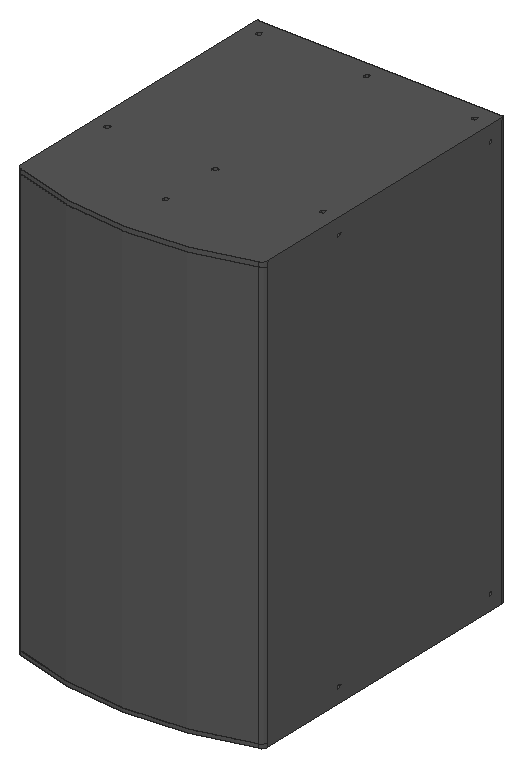
Revit family "1Electronics_Community_Biamp_Subwoofer_IS6-218WR", category Communication Devices, host Face, Revit 2020
Family settings
  Host = Face
  Maintain Annotation Orientation = No
  Round Connector Dimension = Use Diameter
  Part Type = Normal
  OmniClass Number = 23.85.10.11.14.14.14
  OmniClass Title = Loudspeakers
  Cut with Voids When Loaded = No
  Shared = No
  Room Calculation Point = No
Parameters (values of type "IS6-218WR B")
  Width = 22.10"  # constant formula
  Weight = 170.00 lbf  # constant formula
  URL = "https://www.biamp.com/"
  Transducers = "2 x 18 (457mm) double-treated cones with 4 (102mm) inner/outer wound voice coil, ferrite construction"  # constant formula
  Shipping Weight = 190.00 lbf  # constant formula
  Recommended Amplifiers = "Single Amp - 1400W - 2800W @ 4 ohms,  (75V - 106V); Dual Amp - 700W - 1400W @ 8 ohms,  (75V - 106V) (each driver)"  # constant formula
  Product data url = "https://bimobject.com/biamp/product/is6-218wr_community-subwoofer"
  Product Page URL = "https://www.biamp.com/products/product-families/community/community-subwoofers#is6-218wr"
  Product Documentation Link = "https://www.biamp.com/products/product-families/community/community-subwoofers#is6-218wr"
  Operating Range = "32 Hz to 145 Hz  "  # constant formula
  Operating Mode = "Single or Dual Amp"  # constant formula
  Operating Environment = "Weather-Resistant Outdoor "  # constant formula
  Nominal Sensitivity = "Half Space - 1W: 107 dB - 2.83V: 110 dB; Whole Space - 1W: 101 dB - 2.83V: 104 dB"  # constant formula
  Nominal Maximum SPL = "Half Space - Peak: 144 dB - Continuous: 138 dB; Whole Space - Peak: 138 dB - Continuous: 132 dB"  # constant formula
  Mounting Points = "(23) M10 threaded rigging points"  # constant formula
  Model = "IS6-218WR B"
  Manufacturer = "Biamp"  # constant formula
  Input Connection = "Screw terminal blocks (4-position)"  # constant formula
  Housing Material = Biamp - Plastic - Black
  Height = 39.00"  # constant formula
  Grill Material = Biamp - Plastic - Black(Grid)
  Equalized Sensitivity = "Half Space - 1W: 102 dB - 2.83V: 105 dB; Whole Space - 1W: 96 dB - 2.83V: 99 dB"  # constant formula
  Equalized Maximum SPL = "Half Space - Peak: 139 dB - Continuous: 133 dB; Whole Space - Peak: 133 dB - Continuous: 127 dB"  # constant formula
  Environmental = "Outdoor: IP55W per IEC 60529, MIL-STD-810G"  # constant formula
  Description = "IS6-218WR Medium Power Dual 18-Inch Weather-Resistant Subwoofer"  # constant formula
  Depth = 28.89"  # constant formula
  Default Elevation = 48.00"
  Continuous Power Handling  Nominal Impedance = "Single Amp - 75V, 1400W @ 4 ohms (5600W peak); Dual Amp - 75V, 700W @ 8 ohms (2800W peak) (each); "  # constant formula
Types (4): name | Model | Housing Material | Grill Material
  (no name) | "IS6-218WR B" | Biamp - Plastic - Black | Biamp - Plastic - Black(Grid)
  IS6-218WR B | "IS6-218WR B" | Biamp - Plastic - Black | Biamp - Plastic - Black(Grid)
  IS6-218WR W | "IS6-218WR W" | Biamp - Plastic - White | Biamp - Plastic - White(Grid)
  IS6-218WR G | "IS6-218WR G" | Biamp - Plastic - Gray | Biamp - Plastic - Gray(Grid)
Reference planes (in)
  plane 1 "Center (Front/Back)": y = 0
  plane 2: z = 0
  plane 3 "Center (Left/Right)": x = 0
  plane 4: y = 14.445
  plane 5: y = -14.445
  plane 6: x = -11.05
  plane 7: x = 11.05
  plane 8: z = 39
  plane 9: z = 19.5
  plane 10: x = -10.675
  plane 11: y = 14.07
  plane 12: y = 14.2575
  plane 13: z = 38.625
  plane 14: z = 0.375
  plane 15: x = 10.675
  plane 16: y = -12.015
Forms (in)
  Extrusion 1, void
    sketch origin (0, 0, 0) x (1, 0, 0) y (0, 1, 0)
      loop
        circle (-9.67, 12.925) r 0.21654
      loop
        circle (0, 12.925) r 0.21654
      loop
        circle (9.67, 12.925) r 0.21654
      loop
        circle (-9.67, -4.085) r 0.21654
      loop
        circle (0, -4.085) r 0.21654
      loop
        circle (9.67, -4.085) r 0.21654
      loop
        circle (0, -9.605) r 0.21654
    from 38.625 to 39
  Extrusion 2, void
    sketch origin (0, 0, 0) x (0, 1, 0) y (0, 0, 1)
      loop
        circle (12.925, 1.38) r 0.21654
      loop
        circle (12.925, 37.62) r 0.21654
      loop
        circle (-4.085, 1.38) r 0.21654
      loop
        circle (-4.085, 37.62) r 0.21654
    from 10.675 to 11.05
  Extrusion 3, void
    sketch origin (0, 0, 0) x (1, 0, 0) y (0, 0, 1)
      loop
        circle (0, 37.62) r 0.21654
      loop
        circle (0, 1.38) r 0.21654
      loop
        line (2.005, 13.38) -> (-2.005, 13.38)
        arc (-2.005, 13.38) -> (-2.09339, 13.34339) -> (-2.13, 13.255) r 0.125
        line (-2.13, 13.255) -> (-2.13, 6.445)
        arc (-2.13, 6.445) -> (-2.09339, 6.35661) -> (-2.005, 6.32) r 0.125
        line (-2.005, 6.32) -> (2.005, 6.32)
        arc (2.005, 6.32) -> (2.09339, 6.35661) -> (2.13, 6.445) r 0.125
        line (2.13, 6.445) -> (2.13, 13.255)
        arc (2.13, 13.255) -> (2.09339, 13.34339) -> (2.005, 13.38) r 0.125
    from -14.445 to -14.07
  Extrusion 4, solid, material "Biamp - Plastic - Black" <- "Housing Material", detail levels medium+fine
    sketch origin (0, 0, -2.8) x (1, 0, 0) y (0, 0, 1)
      loop
        line (-0.5, 15.18) -> (-0.5, 14.93) -> (0.5, 14.93) -> (0.5, 15.18) -> (-0.5, 15.18)
      loop
        line (-0.5, 14.18) -> (-0.5, 13.93) -> (0.5, 13.93) -> (0.5, 14.18) -> (-0.5, 14.18)
    from -14.2575 to -14.07
  Extrusion 5, void
    sketch origin (0, 0, -19.42578) x (0, -1, 0) y (1, 0, 0)
      loop
        circle (-12.925, -9.67) r 0.21654
      loop
        circle (-12.925, 0) r 0.21654
      loop
        circle (-12.925, 9.67) r 0.21654
      loop
        circle (4.085, -9.67) r 0.21654
      loop
        circle (4.085, 0) r 0.21654
      loop
        circle (4.085, 9.67) r 0.21654
      loop
        circle (9.605, 0) r 0.21654
    from 19.42578 to 19.80078
  Extrusion 6, solid, material "Biamp - Plastic - Black" <- "Housing Material", detail levels medium+fine
    sketch origin (0, 0, 0) x (1, 0, 0) y (0, 1, 0)
      loop
        arc (-10.89375, 14.445) -> (-11.00424, 14.39924) -> (-11.05, 14.28875) r 0.15625
        line (-11.05, 14.28875) -> (-11.05, -12.015)
        arc (-11.05, -12.015) -> (-10.91244, -12.32978) -> (-10.6336, -12.53044) r 0.64982
        arc (-10.6336, -12.53044) -> (0, -14.445) -> (10.6336, -12.53044) r 30.48718
        arc (10.6336, -12.53044) -> (10.91244, -12.32978) -> (11.05, -12.015) r 0.64982
        line (11.05, -12.015) -> (11.05, 14.23673)
        arc (11.05, 14.23673) -> (10.989, 14.384) -> (10.84173, 14.445) r 0.20827
        line (10.84173, 14.445) -> (-10.89375, 14.445)
    from 0 to 39
  Extrusion 7, solid, material "Biamp - Plastic - Black" <- "Housing Material", detail levels coarse
    sketch origin (0, 0, 0) x (1, 0, 0) y (0, 1, 0)
      loop
        arc (10.6336, -12.53044) -> (10.91244, -12.32978) -> (11.05, -12.015) r 0.64982
        line (11.05, -12.015) -> (11.05, 14.23673)
        arc (11.05, 14.23673) -> (10.989, 14.384) -> (10.84173, 14.445) r 0.20827
        line (10.84173, 14.445) -> (-10.89375, 14.445)
        arc (-10.89375, 14.445) -> (-11.00424, 14.39924) -> (-11.05, 14.28875) r 0.15625
        line (-11.05, 14.28875) -> (-11.05, -12.015)
        arc (-11.05, -12.015) -> (-10.91244, -12.32978) -> (-10.6336, -12.53044) r 0.64982
        arc (-10.6336, -12.53044) -> (0, -14.445) -> (10.6336, -12.53044) r 30.48718
    from 0 to 39
  Extrusion 8, solid, material "Biamp - Plastic - Black(Grid)" <- "Grill Material", detail levels medium+fine
    sketch origin (0, 0, 0) x (1, 0, 0) y (0, 1, 0)
      loop
        arc (10.6336, -12.53044) -> (10.91244, -12.32978) -> (11.05, -12.015) r 0.64982
        line (11.05, -12.015) -> (-11.05, -12.015)
        arc (-11.05, -12.015) -> (-10.91244, -12.32978) -> (-10.6336, -12.53044) r 0.64982
        arc (-10.6336, -12.53044) -> (0, -14.445) -> (10.6336, -12.53044) r 30.48718
    from 0.375 to 38.625
  Extrusion 9, void
    sketch origin (0, 0, 0) x (1, 0, 0) y (0, 1, 0)
      loop
        line (-12.05, -12.015) -> (-12.05, -15.0937) -> (11.54035, -15.0937) -> (11.54035, -12.015) -> (-12.05, -12.015)
    from 0.375 to 38.625
  Extrusion 10, void
    sketch origin (0, 0, 0) x (0, 1, 0) y (0, 0, -1)
      loop
        circle (12.925, -1.38) r 0.21654
      loop
        circle (12.925, -37.63) r 0.21654
      loop
        circle (-4.085, -1.38) r 0.21654
      loop
        circle (-4.085, -37.63) r 0.21654
    from 10.675 to 11.05
Cuts and joins
  Extrusion 1, Extrusion 2, Extrusion 3, Extrusion 5, Extrusion 9, Extrusion 10 cuts Extrusion 6
  Extrusion 10 cuts Extrusion 7
Lines and regions (in)
  Masking region 1
    outline origin (0, 0, 0) x (1, 0, 0) y (0, 0, 1)
      loop
        line (-11.05006, 39) -> (-11.05006, 0) -> (11.05006, 0) -> (11.05006, 39) -> (-11.05006, 39)
  Masking region 2
    outline origin (0, 0, 0) x (0, 1, 0) y (0, 0, 1)
      loop
        line (-14.445, 39) -> (-14.445, 0) -> (14.445, 0) -> (14.445, 39) -> (-14.445, 39)
  Masking region 3
    outline origin (0, 0, 0) x (1, 0, 0) y (0, 1, 0)
      loop
        arc (10.6336, -12.53044) -> (10.91244, -12.32978) -> (11.05, -12.015) r 0.64982
        line (11.05, -12.015) -> (11.05, 14.23673)
        arc (11.05, 14.23673) -> (10.989, 14.384) -> (10.84173, 14.445) r 0.20827
        line (10.84173, 14.445) -> (-10.89375, 14.445)
        arc (-10.89375, 14.445) -> (-11.00424, 14.39924) -> (-11.05, 14.28875) r 0.15625
        line (-11.05, 14.28875) -> (-11.05, -12.015)
        arc (-11.05, -12.015) -> (-10.91244, -12.32978) -> (-10.6336, -12.53044) r 0.64982
        arc (-10.6336, -12.53044) -> (0, -14.445) -> (10.6336, -12.53044) r 30.48718
  symbolic lines
    curve 1: arc (-9.45346, 12.925, 0) -> (-9.67, 12.70846, 0) -> (-9.88654, 12.925, 0) r 0.21654
    curve 2: arc (-9.88654, 12.925, 0) -> (-9.67, 13.14154, 0) -> (-9.45346, 12.925, 0) r 0.21654
    curve 3: arc (0.21654, 12.925, 0) -> (0, 12.70846, 0) -> (-0.21654, 12.925, 0) r 0.21654
    curve 4: arc (-0.21654, 12.925, 0) -> (0, 13.14154, 0) -> (0.21654, 12.925, 0) r 0.21654
    curve 5: arc (9.45346, 12.925, 0) -> (9.67, 12.70846, 0) -> (9.88654, 12.925, 0) r 0.21654
    curve 6: arc (9.88654, 12.925, 0) -> (9.67, 13.14154, 0) -> (9.45346, 12.925, 0) r 0.21654
    curve 7: arc (-9.45346, -4.085, 0) -> (-9.67, -4.30154, 0) -> (-9.88654, -4.085, 0) r 0.21654
    curve 8: arc (-9.88654, -4.085, 0) -> (-9.67, -3.86846, 0) -> (-9.45346, -4.085, 0) r 0.21654
    curve 9: arc (0.21654, -4.085, 0) -> (0, -4.30154, 0) -> (-0.21654, -4.085, 0) r 0.21654
    curve 10: arc (-0.21654, -4.085, 0) -> (0, -3.86846, 0) -> (0.21654, -4.085, 0) r 0.21654
    curve 11: arc (9.45346, -4.085, 0) -> (9.67, -4.30154, 0) -> (9.88654, -4.085, 0) r 0.21654
    curve 12: arc (9.88654, -4.085, 0) -> (9.67, -3.86846, 0) -> (9.45346, -4.085, 0) r 0.21654
    curve 13: arc (0.21654, -9.605, 0) -> (0, -9.82154, 0) -> (-0.21654, -9.605, 0) r 0.21654
    curve 14: arc (-0.21654, -9.605, 0) -> (0, -9.38846, 0) -> (0.21654, -9.605, 0) r 0.21654
Dimensions and locks (in)
  equal spacing: plane 5, plane 1 "Center (Front/Back)", plane 4
  "Depth": plane 4 to plane 5
  equal spacing: plane 6, plane 3 "Center (Left/Right)", plane 7
  "Width": plane 6 to plane 7
  "Height": plane 8 to plane 2
  equal spacing: plane 8, plane 9, plane 2
  plane 6 to plane 10 = 0.375"
  locked: plane 11 to plane 4 at 0.375
  equal spacing: plane 11, plane 12, plane 4
  locked: plane 8 to plane 13 at 0.375
  locked: plane 14 to plane 2 at 0.375
  locked: plane 15 to plane 7 at 0.375
  plane 16 to plane 5 = 2.43"
  aligned and locked: plane 2 to host face
  aligned and locked: level to host face
  aligned and locked: plane 8 to Extrusion 1
  aligned and locked: plane 7 to Extrusion 2
  aligned and locked: Extrusion 3 to plane 4
  aligned and locked: plane 8 to Extrusion 6
  aligned and locked: Extrusion 6 to plane 2
  aligned and locked: plane 11 to Extrusion 4
  aligned and locked: Extrusion 4 to plane 12
  aligned and locked: Extrusion 6 sketch curve to plane 4
  aligned and locked: Extrusion 6 sketch curve to plane 6
  aligned and locked: plane 15 to Extrusion 2
  aligned and locked: plane 8 to Extrusion 7
  aligned and locked: Extrusion 7 to plane 2
  aligned and locked: plane 13 to Extrusion 8
  aligned and locked: plane 14 to Extrusion 8
  aligned and locked: plane 13 to Extrusion 9
  aligned and locked: plane 11 to cut or joined group of Extrusion 1, Extrusion 2, Extrusion 3, Extrusion 5, Extrusion 6, Extrusion 9, Extrusion 10
  aligned and locked: cut or joined group of Extrusion 7, Extrusion 10 to plane 10
  aligned and locked: cut or joined group of Extrusion 7, Extrusion 10 to plane 6
Automatic sketch dimensions
  host sketch curve to host sketch curve = 96.00"  (x2)
  Extrusion 4 sketch curve to plane 3 "Center (Left/Right)" = 0.50"  (x2)
  plane 3 "Center (Left/Right)" to Extrusion 4 sketch curve = 0.50"  (x2)
  Extrusion 4 sketch curve to plane 9 = 8.37"
  Extrusion 4 sketch curve to Extrusion 4 sketch curve = 0.25"  (x2)
  Extrusion 4 sketch curve to Extrusion 4 sketch curve = 0.75"
  curve 1 to curve 2 = 0.00"  (x2)
  curve 3 to curve 4 = 0.00"  (x2)
  curve 5 to curve 6 = 0.00"  (x2)
  curve 7 to curve 8 = 0.00"  (x2)
  curve 9 to curve 10 = 0.00"  (x2)
  curve 11 to curve 12 = 0.00"  (x2)
  curve 13 to curve 14 = 0.00"  (x2)
  curve 10 to plane 3 "Center (Left/Right)" = 0.00"
  curve 13 to plane 3 "Center (Left/Right)" = 0.00"
  curve 3 to plane 3 "Center (Left/Right)" = 0.00"
  plane 10 to curve 7 = 1.005"
  plane 10 to curve 1 = 1.005"
  plane 15 to curve 5 = 1.005"
  plane 15 to curve 11 = 1.005"
  plane 16 to curve 14 = 2.41"
  plane 1 "Center (Front/Back)" to curve 12 = 4.085"
  plane 1 "Center (Front/Back)" to curve 10 = 4.085"
  plane 1 "Center (Front/Back)" to curve 7 = 4.085"
  plane 11 to curve 6 = 1.145"
  plane 11 to curve 4 = 1.145"
  plane 11 to curve 2 = 1.145"
  curve 10 to curve 9 = 0.21654"
  curve 3 to curve 3 = 0.21654"
  curve 13 to curve 13 = 0.21654"
  curve 7 to curve 7 = 0.21654"
  curve 1 to curve 1 = 0.21654"
  curve 5 to curve 5 = 0.21654"
  curve 11 to curve 11 = 0.21654"
  Extrusion 1 sketch curve to plane 3 "Center (Left/Right)" = 0.00"  (x3)
  plane 10 to Extrusion 1 sketch curve = 1.005"  (x2)
  plane 15 to Extrusion 1 sketch curve = 1.005"  (x2)
  plane 16 to Extrusion 1 sketch curve = 2.41"
  plane 1 "Center (Front/Back)" to Extrusion 1 sketch curve = 4.085"  (x3)
  plane 11 to Extrusion 1 sketch curve = 1.145"  (x3)
  Extrusion 2 sketch curve to plane 14 = 1.005"  (x2)
  plane 1 "Center (Front/Back)" to Extrusion 2 sketch curve = 4.085"  (x2)
  Extrusion 2 sketch curve to plane 13 = 1.005"  (x2)
  plane 11 to Extrusion 2 sketch curve = 1.145"  (x2)
  Extrusion 3 sketch curve to plane 3 "Center (Left/Right)" = 0.00"  (x2)
  Extrusion 3 sketch curve to plane 3 "Center (Left/Right)" = 2.005"  (x2)
  Extrusion 3 sketch curve to Extrusion 3 sketch curve = 0.125"  (x2)
  plane 3 "Center (Left/Right)" to Extrusion 3 sketch curve = 2.005"  (x2)
  Extrusion 3 sketch curve to plane 14 = 1.005"
  Extrusion 3 sketch curve to Extrusion 3 sketch curve = 4.94"
  Extrusion 3 sketch curve to plane 9 = 6.245"
  Extrusion 3 sketch curve to plane 13 = 1.005"
  Extrusion 5 sketch curve to plane 3 "Center (Left/Right)" = 0.00"  (x3)
  plane 11 to Extrusion 5 sketch curve = 1.145"  (x3)
  plane 1 "Center (Front/Back)" to Extrusion 5 sketch curve = 4.085"  (x3)
  plane 15 to Extrusion 5 sketch curve = 1.005"  (x2)
  plane 10 to Extrusion 5 sketch curve = 1.005"  (x2)
  plane 16 to Extrusion 5 sketch curve = 2.41"
  plane 4 to Extrusion 6 sketch curve = 0.00"
  Extrusion 6 sketch curve to plane 3 "Center (Left/Right)" = 0.00"
  Extrusion 6 sketch curve to plane 7 = 0.00"
  Extrusion 6 sketch curve to plane 16 = 0.00"  (x2)
  plane 6 to Extrusion 6 sketch curve = 0.15625"
  plane 16 to Extrusion 6 sketch curve = 0.09357"  (x2)
  plane 10 to Extrusion 6 sketch curve = 0.26805"
  plane 15 to Extrusion 6 sketch curve = 0.26805"
  plane 12 to Extrusion 6 sketch curve = 0.02077"
  Extrusion 6 sketch curve to plane 4 = 1.59718"
  plane 15 to Extrusion 6 sketch curve = 0.0414"
  Extrusion 6 sketch curve to Extrusion 6 sketch curve = 0.00"
  Masking region 1 sketch curve to level = 0.00"
  Masking region 1 sketch curve to plane 8 = 0.00"
  Masking region 1 sketch curve to plane 6 = 0.00006"
  plane 7 to Masking region 1 sketch curve = 0.00006"
  Masking region 2 sketch curve to level = 0.00"
  Masking region 2 sketch curve to plane 5 = 0.00"
  Masking region 2 sketch curve to plane 4 = 0.00"
  Masking region 2 sketch curve to plane 8 = 0.00"
  Extrusion 9 sketch curve to plane 16 = 0.00"
  Extrusion 9 sketch curve to plane 6 = 1.00"
  plane 7 to Extrusion 9 sketch curve = 0.49035"
  Extrusion 9 sketch curve to plane 5 = 0.6487"
  Extrusion 10 sketch curve to plane 14 = 1.005"  (x2)
  plane 1 "Center (Front/Back)" to Extrusion 10 sketch curve = 4.085"  (x2)
  Extrusion 10 sketch curve to plane 13 = 0.995"  (x2)
  plane 11 to Extrusion 10 sketch curve = 1.145"  (x2)
  Masking region 3 sketch curve to plane 6 = 0.00"
  plane 4 to Masking region 3 sketch curve = 0.00"
  Masking region 3 sketch curve to plane 3 "Center (Left/Right)" = 0.00"
  Masking region 3 sketch curve to plane 7 = 0.00"
  Masking region 3 sketch curve to plane 16 = 0.00"  (x2)
  plane 6 to Masking region 3 sketch curve = 0.15625"
  plane 16 to Masking region 3 sketch curve = 0.09357"  (x2)
  plane 10 to Masking region 3 sketch curve = 0.26805"
  plane 15 to Masking region 3 sketch curve = 0.26805"
  plane 12 to Masking region 3 sketch curve = 0.02077"
  Masking region 3 sketch curve to plane 4 = 1.59718"
  Masking region 3 sketch curve to Masking region 3 sketch curve = 0.00"
  Extrusion 7 sketch curve to plane 6 = 0.00"
  plane 4 to Extrusion 7 sketch curve = 0.00"
  Extrusion 7 sketch curve to plane 3 "Center (Left/Right)" = 0.00"
  Extrusion 7 sketch curve to plane 7 = 0.00"
  Extrusion 7 sketch curve to plane 16 = 0.00"  (x2)
  plane 6 to Extrusion 7 sketch curve = 0.15625"
  plane 16 to Extrusion 7 sketch curve = 0.09357"  (x2)
  plane 10 to Extrusion 7 sketch curve = 0.26805"
  plane 15 to Extrusion 7 sketch curve = 0.26805"
  plane 12 to Extrusion 7 sketch curve = 0.02077"
  Extrusion 7 sketch curve to plane 4 = 1.59718"
  Extrusion 7 sketch curve to Extrusion 7 sketch curve = 0.00"
  Extrusion 8 sketch curve to plane 6 = 0.00"
  Extrusion 8 sketch curve to plane 3 "Center (Left/Right)" = 0.00"
  Extrusion 8 sketch curve to plane 7 = 0.00"
  Extrusion 8 sketch curve to plane 16 = 0.00"
  plane 16 to Extrusion 8 sketch curve = 0.09357"  (x2)
  plane 10 to Extrusion 8 sketch curve = 0.26805"
  plane 15 to Extrusion 8 sketch curve = 0.26805"
  Extrusion 8 sketch curve to plane 4 = 1.59718"
  Extrusion 8 sketch curve to Extrusion 8 sketch curve = 0.00"
  radius of Extrusion 1 sketch curve = 0.21654"  (x7)
  radius of Extrusion 2 sketch curve = 0.21654"  (x4)
  radius of Extrusion 3 sketch curve = 0.21654"  (x2)
  radius of Extrusion 5 sketch curve = 0.21654"  (x7)
  radius of Extrusion 10 sketch curve = 0.21654"  (x4)
Connectors (in)
  electrical at (0.25, 14.2575, 12.25539)
    settings: on Extrusion 4, index 1, voltage 0 V, apparent load 0 VA, apparent load phase1 0 VA, apparent load phase2 0 VA, apparent load phase3 0 VA, power factor 1, load classification "Other", number of poles 1, system type 5, power factor state 1, is connector primary yes, connector utility no, sub classification motor no, connector description "Screw terminal blocks; LF 1"
  electrical at (0.25, 14.2575, 11.25539)
    settings: on Extrusion 4, index 2, voltage 0 V, apparent load 0 VA, apparent load phase1 0 VA, apparent load phase2 0 VA, apparent load phase3 0 VA, power factor 1, load classification "Other", number of poles 1, system type 5, power factor state 1, is connector primary no, connector utility no, sub classification motor no, connector description "Screw terminal blocks; LF 2"
  electrical at (-0.25, 14.2575, 12.25539)
    settings: on Extrusion 4, index 3, voltage 0 V, apparent load 0 VA, apparent load phase1 0 VA, apparent load phase2 0 VA, apparent load phase3 0 VA, power factor 1, load classification "Other", number of poles 1, system type 5, power factor state 1, is connector primary no, connector utility no, sub classification motor no, connector description "Screw terminal blocks; LF 1"
  electrical at (-0.25, 14.2575, 11.25539)
    settings: on Extrusion 4, index 4, voltage 0 V, apparent load 0 VA, apparent load phase1 0 VA, apparent load phase2 0 VA, apparent load phase3 0 VA, power factor 1, load classification "Other", number of poles 1, system type 5, power factor state 1, is connector primary no, connector utility no, sub classification motor no, connector description "Screw terminal blocks; LF 2"
